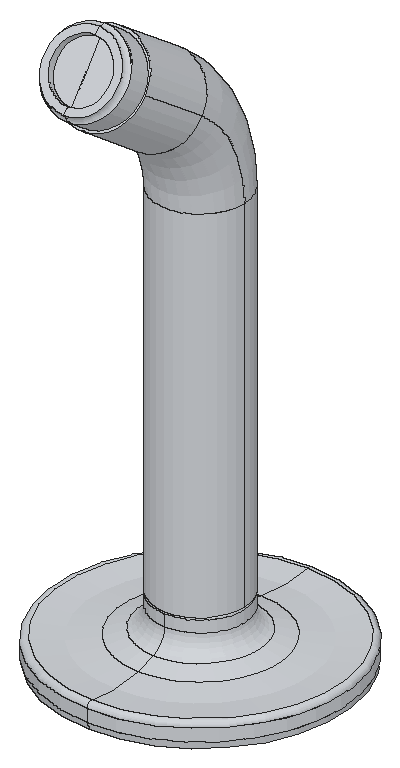
Revit family "Shower-Showerarm-KOHLER-Purist-K-933", category Plumbing Fixtures, host Face, Revit 2015
Parameters (values of type "CP-Polished Chrome")
  Width = 4"  # constant formula
  Waste Connection = no
  Vent Connection = no
  URL = "https://www.us.kohler.com/us/"
  Type = 1
  Product Page URL = "http://www.us.kohler.com/us/catalog/productDetails.jsp?productNumber=933"
  Product Name = "Purist"  # constant formula
  Product Documentation Link = "http://www.us.kohler.com/onlinecatalog/pdf/K-933_spec.pdf"
  Model = if(Type = 1, "K-933-CP", if(Type = 2, "K-933-SN", if(Type = 3, "K-933-BN", if(Type = 4, "K-933-BV", if(Type = 5, "K-933-BL", if(Type = 6, "K-933-RGD", "NA"))))))  # "K-933-CP"
  Material = "Premium Metal Construction"  # constant formula
  MasterFormat 2004 = "10.28.13"  # constant formula
  MasterFormat 1995 = "10820"  # constant formula
  Manufacturer Address = "444 Highland Dr, Kohler, WI 53044"  # constant formula
  Manufacturer = "KOHLER Co."  # constant formula
  Length = 8 27/32"  # constant formula
  Height = 4 13/32"  # constant formula
  HW Connection = yes
  Finish = Kohler-Metal-CP-Polished_Chrome
  Environmental Product Declaration = ""
  Description = "Shower arm and flange"  # constant formula
  Default Elevation = 42"
  Declare Label = ""
  Date Modified = "02/06/2018"  # constant formula
  Date Created = "02/06/2018"  # constant formula
  Copyright = "Copyright KOHLER Co."  # constant formula
  Contact Us = "https://www.us.kohler.com/us/static/contact.jsp"
  CW Connection = no
  Assembly Code = "C1030200"
  ADA = no
Types (7): name | Type | Model | Finish
  (no name) | 1 | "K-933-CP" | Kohler-Metal-CP-Polished_Chrome
  CP-Polished Chrome | 1 | "K-933-CP" | Kohler-Metal-CP-Polished_Chrome
  SN-Vibrant Polished Nickel | 2 | "K-933-SN" | Kohler-Metal-SN-Vibrant_Polished_Nickel
  BN-Vibrant Brushed Nickel | 3 | "K-933-BN" | Kohler-Metal-BN-Vibrant_Brushed_Nickel
  BV-Vibrant Brushed Bronze | 4 | "K-933-BV" | Kohler-Metal-BV-Brushed_Bronze
  BL-Matte Black | 5 | "K-933-BL" | Kohler-Metal-BL-Matte_Black
  RGD-Vibrant Rose Gold | 6 | "K-933-RGD" | Kohler-Metal-RGD-Polished_Rose_Gold
Reference planes (in)
  plane 1 "Center (Front/Back)": y = 0
  plane 2: z = 0
  plane 3 "Center (Left/Right)": x = 0
  plane 4: y = 2.00006
  plane 5: x = -2.00011
  plane 6: x = 1.99989
  plane 7: y = -2.40619
  plane 8: z = 8.84375
Dimensions and locks (in)
  "Width": plane 5 to plane 6
  "Height": plane 7 to plane 4
  "Length": plane 8 to level
  aligned and locked: plane 2 to host face
  aligned and locked: level to host face
Automatic sketch dimensions
  host sketch curve to host sketch curve = 96"  (x2)
Nested families (in)
  nested 1: "K-933" at (0, 0, 0), type "K-933"
Connectors (in)
  piping at (0, 0, 0), diameter 0.5, driven by "HW Connection"
    settings: on nested 1, index 1, connector inside diameter 24", connector length 0", flow factor 0, pipe flow 0 GPM, pressure drop 0.00 psi, fitting loss kfactor 0, connector angle 0.00°, fixture units 0, engagement length 0", angle of deflection 0.00°, flow configuration 0, flow direction 1, fitting loss method 0, system type 19, joint type 0, gender type 0, connector reference index -1, connector utility 1, adjustable connector no, is connector primary yes, connector description "Tempered Water"
Definition of nested family "K-933"
  Parameters (values of type "K-933")
    Material = none
  Reference planes (in)
    plane 1 "Center (Front/Back)": y = 0
    plane 2: z = 0
    plane 3 "Center (Left/Right)": x = 0
  Forms (in)
    Revolve 1, solid, material <- "Material"
      sketch origin (0, 0, 0) x (0, 1, 0) y (0, 0, 1)
        loop
          line (0, 0) -> (0, 0.89921) -> (-0.59288, 0.89921)
          arc (-0.59288, 0.89921) -> (-0.61559, 0.8898) -> (-0.625, 0.86709) r 0.03212
          line (-0.625, 0.86709) -> (-0.625, 0.70122)
          arc (-0.625, 0.70122) -> (-0.6779, 0.53097) -> (-0.81797, 0.42068) r 0.30041
          arc (-0.81797, 0.42068) -> (-0.95484, 0.37465) -> (-1.09503, 0.34009) r 1.74736
          arc (-1.09503, 0.34009) -> (-1.50344, 0.29814) -> (-1.91219, 0.33658) r 2.09664
          arc (-1.91219, 0.33658) -> (-1.9732, 0.32108) -> (-2.00006, 0.26413) r 0.0738
          line (-2.00006, 0.26413) -> (-2.00006, 0.09003) -> (-1.98418, 0) -> (0, 0)
        axis (0, 0.89921) -> (0, 0)
      angle from 0 to 360
    Sweep 2, solid, material <- "Material"
      path origin (0, 0, 0) x (0, 1, 0) y (0, 0, 1)
        loop
          line (0, 0.89921) -> (0, 6.02272)
          arc (0, 6.02272) -> (-0.19914, 6.83653) -> (-0.75156, 7.46644) r 1.76246
          line (-0.75156, 7.46644) -> (-1.74561, 8.16249)
      profile origin (0, 0, 0.89921) x (0, -1, 0) y (1, 0, 0)
        loop
          circle (0, 0) r 0.62669
    Revolve 3, solid, material <- "Material"
      sketch origin (0, 0, 0) x (0, 1, 0) y (0, 0, 1)
        loop
          line (-1.4072, 8.64579) -> (-1.69132, 8.84473)
          arc (-1.69132, 8.84473) -> (-1.74882, 8.83512) -> (-1.80328, 8.85595) r 0.1111
          line (-1.80328, 8.85595) -> (-1.86647, 8.76572) -> (-1.78643, 8.70967) -> (-2.03009, 8.36168) -> (-1.74561, 8.16249) -> (-1.4072, 8.64579)
        axis (-2.11013, 8.41773) -> (-1.74561, 8.16249)
      angle from 0 to 360
  Cuts and joins
    joined: Revolve 1, Sweep 2, Revolve 3
  Lines and regions (in)
    Masking region 1
      outline origin (0, 0, 0) x (0, 1, 0) y (0, 0, 1)
        loop
          line (-1.98418, 0) -> (1.98418, 0) -> (2.00006, 0.09003) -> (2.00006, 0.26603)
          arc (2.00006, 0.26603) -> (1.979, 0.31687) -> (1.92816, 0.33793) r 0.0719
          line (1.92816, 0.33793) -> (1.10545, 0.33793)
          arc (1.10545, 0.33793) -> (0.95532, 0.37261) -> (0.81003, 0.4239) r 1.37262
          arc (0.81003, 0.4239) -> (0.67553, 0.53475) -> (0.62505, 0.70157) r 0.3009
          line (0.62505, 0.70157) -> (0.62505, 0.86627)
          arc (0.62505, 0.86627) -> (0.61611, 0.88885) -> (0.59414, 0.89921) r 0.03301
          line (0.59414, 0.89921) -> (0.62669, 0.89921) -> (0.62669, 6.01409)
          arc (0.62669, 6.01409) -> (0.35486, 7.12493) -> (-0.39917, 7.98475) r 2.40573
          line (-0.39917, 7.98475) -> (-1.38615, 8.67584) -> (-1.4072, 8.64579) -> (-1.69132, 8.84473)
          arc (-1.69132, 8.84473) -> (-1.74883, 8.83507) -> (-1.80328, 8.85595) r 0.11083
          line (-1.80328, 8.85595) -> (-2.41698, 7.97951)
          arc (-2.41698, 7.97951) -> (-2.37875, 7.93547) -> (-2.36814, 7.87813) r 0.11096
          line (-2.36814, 7.87813) -> (-2.08402, 7.67919) -> (-2.10506, 7.64914) -> (-1.10426, 6.94837)
          arc (-1.10426, 6.94837) -> (-0.75323, 6.5481) -> (-0.62669, 6.03096) r 1.11994
          line (-0.62669, 6.03096) -> (-0.62669, 0.89921) -> (-0.59414, 0.89921)
          arc (-0.59414, 0.89921) -> (-0.61611, 0.88885) -> (-0.62505, 0.86627) r 0.03301
          line (-0.62505, 0.86627) -> (-0.62505, 0.70157)
          arc (-0.62505, 0.70157) -> (-0.67553, 0.53475) -> (-0.81003, 0.4239) r 0.3009
          arc (-0.81003, 0.4239) -> (-0.95532, 0.37261) -> (-1.10545, 0.33793) r 1.37262
          line (-1.10545, 0.33793) -> (-1.92816, 0.33793)
          arc (-1.92816, 0.33793) -> (-1.979, 0.31687) -> (-2.00006, 0.26603) r 0.0719
          line (-2.00006, 0.26603) -> (-2.00006, 0.09003) -> (-1.98418, 0)
    Masking region 2
      outline origin (0, 0, 0) x (1, 0, 0) y (0, 0, 1)
        loop
          spline (-0.33637, 8.75849) -> (-0.37609, 8.73381) -> (-0.41312, 8.70648) -> (-0.44721, 8.67668) -> (-0.4781, 8.64463) -> (-0.50558, 8.61055) -> (-0.52945, 8.5747) -> (-0.54954, 8.53733) -> (-0.5657, 8.4987) -> (-0.57783, 8.45909) -> (-0.58583, 8.41878) -> (-0.58965, 8.37807) -> (-0.58926, 8.33723)
          spline (-0.58926, 8.33723) -> (-0.59519, 8.32319) -> (-0.60062, 8.30901) -> (-0.60554, 8.29471) -> (-0.60996, 8.2803) -> (-0.61387, 8.26579) -> (-0.61726, 8.25119) -> (-0.62013, 8.23652) -> (-0.62249, 8.22179) -> (-0.62432, 8.20701) -> (-0.62564, 8.19219) -> (-0.62642, 8.17734) -> (-0.62669, 8.16249)
          line (-0.62669, 8.16249) -> (-0.62669, 0.89921) -> (-0.59276, 0.89921)
          arc (-0.59276, 0.89921) -> (-0.61562, 0.8891) -> (-0.625, 0.86594) r 0.03329
          line (-0.625, 0.86594) -> (-0.625, 0.69901)
          arc (-0.625, 0.69901) -> (-0.67522, 0.5341) -> (-0.80883, 0.42517) r 0.29588
          arc (-0.80883, 0.42517) -> (-0.95599, 0.37374) -> (-1.1077, 0.33793) r 1.49331
          line (-1.1077, 0.33793) -> (-1.92722, 0.33793)
          arc (-1.92722, 0.33793) -> (-1.97876, 0.31658) -> (-2.00011, 0.26504) r 0.0729
          line (-2.00011, 0.26504) -> (-2.00011, 0.09036) -> (-1.98418, 0) -> (1.98418, 0) -> (2.00011, 0.09036) -> (2.00011, 0.26504)
          arc (2.00011, 0.26504) -> (1.97876, 0.31658) -> (1.92722, 0.33793) r 0.0729
          line (1.92722, 0.33793) -> (1.1077, 0.33793)
          arc (1.1077, 0.33793) -> (0.95599, 0.37374) -> (0.80883, 0.42517) r 1.49331
          arc (0.80883, 0.42517) -> (0.67522, 0.5341) -> (0.625, 0.69901) r 0.29588
          line (0.625, 0.69901) -> (0.625, 0.86594)
          arc (0.625, 0.86594) -> (0.61562, 0.8891) -> (0.59276, 0.89921) r 0.03329
          line (0.59276, 0.89921) -> (0.62669, 0.89921) -> (0.62669, 8.16249)
          spline (0.62669, 8.16249) -> (0.62642, 8.17734) -> (0.62564, 8.19219) -> (0.62432, 8.20701) -> (0.62249, 8.22179) -> (0.62013, 8.23652) -> (0.61726, 8.25119) -> (0.61387, 8.26579) -> (0.60996, 8.2803) -> (0.60554, 8.29471) -> (0.60062, 8.30901) -> (0.59519, 8.32319) -> (0.58926, 8.33723)
          spline (0.58926, 8.33723) -> (0.58965, 8.37807) -> (0.58583, 8.41878) -> (0.57783, 8.45909) -> (0.5657, 8.4987) -> (0.54954, 8.53733) -> (0.52945, 8.5747) -> (0.50558, 8.61055) -> (0.4781, 8.64463) -> (0.44721, 8.67668) -> (0.41312, 8.70648) -> (0.37609, 8.73381) -> (0.33637, 8.75849)
          spline (0.33637, 8.75849) -> (0.28717, 8.78747) -> (0.23428, 8.81169) -> (0.17839, 8.83087) -> (0.12022, 8.84474) -> (0.0605, 8.85314) -> (0, 8.85595) -> (-0.0605, 8.85314) -> (-0.12022, 8.84474) -> (-0.17839, 8.83087) -> (-0.23428, 8.81169) -> (-0.28717, 8.78747) -> (-0.33637, 8.75849)
    Masking region 3
      outline origin (0, 0, 0) x (1, 0, 0) y (0, 1, 0)
        loop
          line (-0.59, -1.91105) -> (-0.59, -2.02973)
          spline (-0.59, -2.02973) -> (-0.58946, -2.04426) -> (-0.58782, -2.05877) -> (-0.58511, -2.07323) -> (-0.58131, -2.0876) -> (-0.57644, -2.10187) -> (-0.5705, -2.116) -> (-0.56352, -2.12998) -> (-0.55549, -2.14377) -> (-0.54644, -2.15735) -> (-0.53637, -2.17069) -> (-0.52532, -2.18378) -> (-0.5133, -2.19658)
          spline (-0.5133, -2.19658) -> (-0.46953, -2.25719) -> (-0.40431, -2.31107) -> (-0.3206, -2.35577) -> (-0.22224, -2.38925) -> (-0.11372, -2.40996) -> (0, -2.41698) -> (0.11372, -2.40996) -> (0.22224, -2.38925) -> (0.3206, -2.35577) -> (0.40431, -2.31107) -> (0.46953, -2.25719) -> (0.5133, -2.19658)
          spline (0.5133, -2.19658) -> (0.52532, -2.18378) -> (0.53637, -2.17069) -> (0.54644, -2.15735) -> (0.55549, -2.14377) -> (0.56352, -2.12998) -> (0.5705, -2.116) -> (0.57644, -2.10187) -> (0.58131, -2.0876) -> (0.58511, -2.07323) -> (0.58782, -2.05877) -> (0.58946, -2.04426) -> (0.59, -2.02973)
          line (0.59, -2.02973) -> (0.59, -1.91105)
          arc (0.59, -1.91105) -> (0, 2.00006) -> (-0.59, -1.91105) r 2.00006
    symbolic lines, detail levels medium+fine
      curve 1: line (0, -1.4072, 8.64579) -> (0, -2.08402, 7.67919)
      curve 2: line (0, -1.69132, 8.84473) -> (0, -2.36814, 7.87813)
      curve 3: line (0, 0.59288, 0.89921) -> (0, -0.59414, 0.89921)
      curve 4: line (0, 1.10545, 0.33793) -> (0, -1.10545, 0.33793)
      curve 5: line (0, 2.00006, 0.09003) -> (0, -2.00006, 0.09003)
      curve 6: spline (0.62669, 0, 8.16249) -> (0.60533, 0, 8.29535) -> (0.54273, 0, 8.41916) -> (0.44313, 0, 8.52548) -> (0.31334, 0, 8.60706) -> (0.1622, 0, 8.65835) -> (0, 0, 8.67584) -> (-0.1622, 0, 8.65835) -> (-0.31334, 0, 8.60706) -> (-0.44313, 0, 8.52548) -> (-0.54273, 0, 8.41916) -> (-0.60533, 0, 8.29535) -> (-0.62669, 0, 8.16249)
      curve 7: spline (-0.34071, 0, 8.756) -> (-0.28958, 0, 8.78251) -> (-0.23541, 0, 8.80459) -> (-0.17876, 0, 8.82201) -> (-0.12023, 0, 8.83459) -> (-0.06043, 0, 8.84219) -> (0, 0, 8.84473) -> (0.06043, 0, 8.84219) -> (0.12023, 0, 8.83459) -> (0.17876, 0, 8.82201) -> (0.23541, 0, 8.80459) -> (0.28958, 0, 8.78251) -> (0.34071, 0, 8.756)
      curve 8: line (0.62669, 0, 0.89921) -> (-0.62669, 0, 0.89921)
      curve 9: line (1.1077, 0, 0.33793) -> (-1.1077, 0, 0.33793)
      curve 10: line (2.00011, 0, 0.09036) -> (-2.00011, 0, 0.09036)
      curve 11: spline (-0.51372, -2.19576, 0) -> (-0.53479, -2.10205, 0) -> (-0.50514, -2.0091, 0) -> (-0.4276, -1.92573, 0) -> (-0.30951, -1.85985, 0) -> (-0.16207, -1.8177, 0) -> (0.00074, -1.80328, 0) -> (0.16348, -1.81796, 0) -> (0.31072, -1.86034, 0) -> (0.42849, -1.92641, 0) -> (0.50563, -2.0099, 0) -> (0.53482, -2.1029, 0) -> (0.5133, -2.19658, 0)
      curve 12: spline (0.42482, -2.11013, 0) -> (0.41034, -2.17319, 0) -> (0.3679, -2.23196, 0) -> (0.30039, -2.28243, 0) -> (0.21241, -2.32115, 0) -> (0.10995, -2.34549, 0) -> (0, -2.35379, 0) -> (-0.10995, -2.34549, 0) -> (-0.21241, -2.32115, 0) -> (-0.30039, -2.28243, 0) -> (-0.3679, -2.23196, 0) -> (-0.41034, -2.17319, 0) -> (-0.42482, -2.11013, 0) -> (-0.41034, -2.04706, 0) -> (-0.3679, -1.9883, 0) -> (-0.30039, -1.93783, 0) -> (-0.21241, -1.89911, 0) -> (-0.10995, -1.87477, 0) -> (0, -1.86647, 0) -> (0.10995, -1.87477, 0) -> (0.21241, -1.89911, 0) -> (0.30039, -1.93783, 0) -> (0.3679, -1.9883, 0) -> (0.41034, -2.04706, 0) -> (0.42482, -2.11013, 0)
      curve 13: spline (0.41748, -2.07082, 0) -> (0.38845, -2.12437, 0) -> (0.33886, -2.17269, 0) -> (0.27132, -2.21323, 0) -> (0.18941, -2.24384, 0) -> (0.09747, -2.2629, 0) -> (0.00036, -2.2694, 0) -> (-0.09676, -2.26299, 0) -> (-0.18875, -2.24402, 0) -> (-0.27075, -2.21349, 0) -> (-0.33842, -2.17302, 0) -> (-0.38816, -2.12475, 0) -> (-0.41734, -2.07123, 0)
      curve 14: spline (-0.59, -2.02973, 0) -> (-0.56959, -1.94148, 0) -> (-0.50976, -1.85934, 0) -> (-0.41466, -1.78899, 0) -> (-0.29086, -1.7353, 0) -> (-0.14694, -1.70198, 0) -> (0.00715, -1.69134, 0) -> (0.16075, -1.70412, 0) -> (0.30322, -1.73943, 0) -> (0.42471, -1.79483, 0) -> (0.51681, -1.86648, 0) -> (0.57315, -1.94943, 0) -> (0.58983, -2.03793, 0)
      curve 15: spline (0.59, -1.74561, 0) -> (0.5699, -1.65802, 0) -> (0.51095, -1.5764, 0) -> (0.41719, -1.50631, 0) -> (0.295, -1.45253, 0) -> (0.1527, -1.41873, 0) -> (0, -1.4072, 0) -> (-0.1527, -1.41873, 0) -> (-0.295, -1.45253, 0) -> (-0.41719, -1.50631, 0) -> (-0.51095, -1.5764, 0) -> (-0.5699, -1.65802, 0) -> (-0.59, -1.74561, 0)
      curve 16: spline (0.59, -1.86679, 0) -> (0.62649, -1.7545, 0) -> (0.59973, -1.64132, 0) -> (0.51241, -1.53867, 0) -> (0.37336, -1.45691, 0) -> (0.1966, -1.4043, 0) -> (0, -1.38615, 0) -> (-0.1966, -1.4043, 0) -> (-0.37336, -1.45691, 0) -> (-0.51241, -1.53867, 0) -> (-0.59973, -1.64132, 0) -> (-0.62649, -1.7545, 0) -> (-0.59, -1.86679, 0)
      curve 17: line (0.62669, -1.74561, 0) -> (0.62669, 0, 0)
      curve 18: arc (-0.62669, 0, 0) -> (0, 0.62669, 0) -> (0.62669, 0, 0) r 0.62669
      curve 19: line (-0.62669, 0, 0) -> (-0.62669, -1.74561, 0)
      curve 20: line (0.59, -1.91105, 0) -> (0.59, -1.74561, 0)
      curve 21: line (-0.59, -1.91105, 0) -> (-0.59, -1.74561, 0)
  Dimensions and locks (in)
    aligned and locked: plane 2 to level
    aligned and locked: Revolve 1 sketch curve to Revolve 1 sketch curve
